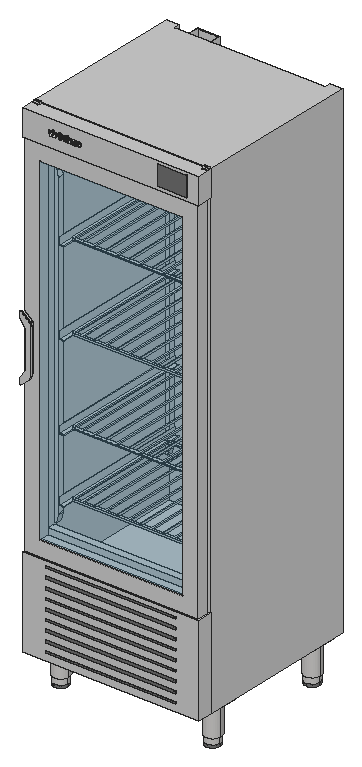
Revit family "QF_INFRICO_AN501BTCR_250814091304", category Specialty Equipment, Revit 2021
Family settings
  Round Connector Dimension = Use Diameter
  Part Type = Normal
  OmniClass Number = 23.40.40.14
  OmniClass Title = Food Service Equipment
  Work Plane-Based = No
  Always vertical = Yes
  Cut with Voids When Loaded = No
  Shared = No
  Room Calculation Point = No
Parameters (values of type "AN501BTCR")
  Weight [instance] = 0.00 kg
  Waste Water Discharge Temperature [instance] = 0 °C
  Waste Remarks [instance] = ""
  Warranty Start Date [instance] = ""
  Warranty Duration [instance] = ""
  Volts [instance] = 230 V
  Volt Free Conn [instance] = no
  URL Recommended Spares List [instance] = ""
  URL Manufacturer [instance] = ""
  URL Cutsheet [instance] = ""
  URL Critical Spares List [instance] = ""
  URL = "www.infrico.com"
  Technical Documentation [instance] = ""
  Tag Number [instance] = ""
  Status [instance] = ""
  Start Up Current [instance] = 0 A
  Specification by User [instance] = ""
  Specification by Manufacturer [instance] = ""
  Sound Level [instance] = ""
  Show Logo [instance] = yes
  Show Clearances [instance] = yes
  Service Life Duration [instance] = ""
  Serial Number [instance] = ""
  Seismic Rating [instance] = ""
  SMACNA No [instance] = ""
  Revision Code [instance] = ""
  Revision [instance] = ""
  Production Year [instance] = ""
  Potential Equalisation [instance] = no
  Point Load [instance] = 0
  Plumbing Connection Type [instance] = ""
  Phase [instance] = 1
  Other Equipment Approvals [instance] = ""
  Operational Current [instance] = 0 A
  Number of Poles [instance] = 2
  No Load Power Draw [instance] = no
  NAFEM Spec ID Number [instance] = ""
  Model Warning [instance] = ""
  Model = "AN501BTCR"
  Min Ckt Ampacity [instance] = 0 A
  Max Overcurrent Protection [instance] = 0 A
  Masterspec [instance] = ""
  Manufacturer = "INFRICO"
  Main switch integrated [instance] = no
  Length Actual [instance] = 687.07 mm
  Item Number [instance] = ""
  Installed By [instance] = ""
  Installation Date [instance] = ""
  Indirect Waste Size [instance] = 19.05 mm
  Indirect Waste Remarks [instance] = ""
  Indirect Waste Flow [instance] = 0.0 L/s
  Indirect Waste Connection Type [instance] = ""
  Indirect Waste Connection Height [instance] = 0 mm
  Identify Quantity as Lot [instance] = no
  ID [instance] = ""
  Hygiene Approval [instance] = ""
  Height Actual [instance] = 2059.94 mm
  HP power [instance] = ""
  Furnished By [instance] = ""
  Foodservice Equipment Identifier [instance] = no
  FL Amps [instance] = 0 A
  Electrical Remarks [instance] = ""
  Electric power [instance] = 640 W
  Electric Connection Type [instance] = ""
  Elec Conn RI Height [instance] = 0 mm
  Elec Conn Connection Height [instance] = 0 mm
  ETL Approved [instance] = no
  Direct Waste Water Discharge Temperature [instance] = -273.15 °C
  Direct Waste Size [instance] = 19.05 mm
  Direct Waste RI Height [instance] = 0 mm
  Direct Waste Flow [instance] = 0.0 L/s
  Direct Waste Connection Height [instance] = 0 mm
  Description = "BOTTOM MOUNTED REFRIGERATOR AND FREEZER GLASS DOOR REACH IN - ONE DOOR - R290"
  Depth Actual [instance] = 700.024 mm
  Default Elevation = 0 mm
  Cycle [instance] = 50 Hz
  Cost = 0
  Connection to energy optimisation system [instance] = yes
  Conn Plug [instance] = ""
  Conn Conduit [instance] = no
  Centralized building control system with digital interface [instance] = ""
  CSI MasterFormat [instance] = ""
  CE Approved [instance] = no
  Barcode [instance] = 0
  Author [instance] = ""
  Asset Identifier [instance] = ""
  Apparent Power [instance] = 640 VA
  Accessory [instance] = no
Reference planes
  plane 1 "Center (Front/Back)": y = 0
  plane 2: z = 0
  plane 3 "Center (Left/Right)": x = 0
Forms (mm)
  Extrusion 1, solid, not visible
    sketch origin (343.517, -106.005, 409.52) x (1, 0, 0) y (0, 1, 0)
      loop
        line (-2, 2) -> (-2, -2) -> (2, -2) -> (2, 2) -> (-2, 2)
    from -2 to 2
  Extrusion 2, solid, not visible
    sketch origin (563.027, -20.001, 2021.099) x (1, 0, 0) y (0, 1, 0)
      loop
        line (-2, 2) -> (-2, -2) -> (2, -2) -> (2, 2) -> (-2, 2)
    from -2 to 2
Dimensions and locks
  locked: nested 2 to Extrusion 1 at 2  (x2)
  locked: nested 3 to Extrusion 2 at 2  (x2)
  aligned and locked: level to plane 2
Nested families
  nested 1: "QF_INFRICO_A500_2920" at (0, 0, 150), type "AN501BTCR"
    with Weight 0.00 kg, Warranty Start Date "", Warranty Duration "", URL Cutsheet "", Technical Documentation "", Tag Number "", Status "", Specification by User "", Specification by Manufacturer "", Sound Level "", Solid Fuel Type "", Show Logo yes, Show Clearances yes, Show Clearance yes, Service Life Duration "", Serial Number "", Seismic Rating "", SMACNA No "", Revision Code "", Revision "", Production Year "", Point Load 0, Other Equipment Approvals "", NAFEM Spec ID Number "", Model Warning "", Masterspec "", Length Actual 687.07 mm, Item Number "", Installed By "", Installation Date "", Identify Quantity as Lot yes, ID "", Hygiene Approval "", Height Actual 2059.94 mm, Furnished By "", Foodservice Equipment Identifier yes, ETL Approved yes, Depth Actual 700.024 mm, CSI MasterFormat "", CE Approved no, Barcode "", Author "", Asset Identifier "", Accessory no
  nested 2: "CONN_POINT_DRAIN_2D___Generic_Annotation" at (343.517, -106.005, 407.52), type "CONN_POINT_DRAIN_2D___Generic_Annotation"
    with Onboard connection annotation symbol visibility yes
  nested 3: "CONN_POINT_ELE_2D___Generic_Annotation" at (563.027, -20.001, 2019.099), type "CONN_POINT_ELE_2D___Generic_Annotation"
    with Onboard connection annotation symbol visibility yes
  nested 4: "QF_INFRICO_ANCR_DOOR_DX_10_4932" at (5, -640, 505), type "ANCR_DOOR_DX_10"
    with Weight 0.00 kg, Warranty Start Date "", Warranty Duration "", URL Cutsheet "", Technical Documentation "", Tag Number "", Status "", Specification by User "", Specification by Manufacturer "", Sound Level "", Solid Fuel Type "", Show Logo yes, Show Clearances yes, Show Clearance yes, Service Life Duration "", Serial Number "", Seismic Rating "", SMACNA No "", Revision Code "", Revision "", Production Year "", Point Load 0, Other Equipment Approvals "", NAFEM Spec ID Number "", Model Warning "", Masterspec "", Length Actual 675.894 mm, Item Number "", Installed By "", Installation Date "", Identify Quantity as Lot yes, ID "", Hygiene Approval "", Height Actual 1441.958 mm, Furnished By "", Foodservice Equipment Identifier yes, ETL Approved yes, Depth Actual 56.896 mm, CSI MasterFormat "", CE Approved no, Barcode "", Author "", Asset Identifier "", Accessory yes
  nested 5: "QF_INFRICO_LEGS_REACH_INS_5751" at (0, 0, 0), type "LEGS_687_640"
    with Weight 0.00 kg, Warranty Start Date "", Warranty Duration "", URL Cutsheet "", Technical Documentation "", Tag Number "", Status "", Specification by User "", Specification by Manufacturer "", Sound Level "", Solid Fuel Type "", Show Logo yes, Show Clearances yes, Service Life Duration "", Serial Number "", Seismic Rating "", SMACNA No "", Revision Code "", Revision "", Production Year "", Point Load 0, Other Equipment Approvals "", NAFEM Spec ID Number "", Model Warning "", Masterspec "", Length Actual 687.07 mm, Item Number "", Installed By "", Installation Date "", Identify Quantity as Lot yes, ID "", Hygiene Approval "", Height Actual 150.114 mm, Furnished By "", Foodservice Equipment Identifier yes, ETL Approved yes, Depth Actual 640.08 mm, CSI MasterFormat "", CE Approved no, Barcode "", Author "", Asset Identifier "", Accessory yes
Connectors
  piping at (343.517, -106.005, 407.52), diameter 19.05, driven by "Indirect Waste Size", driven by "Direct Waste Flow"
    settings: on Extrusion 1, index 1, connector inside diameter 609.6 mm, connector length 0 mm, flow factor 0, pipe flow 0.0 L/s, pressure drop 0.0 Pa, fitting loss kfactor 0, connector angle 0.00°, fixture units 0, engagement length 0 mm, angle of deflection 0.00°, flow configuration 1, flow direction 2, fitting loss method 0, system type 16, joint type 0, gender type 0, connector reference index -1, connector utility 0, adjustable connector no, is connector primary yes, connector description "Waste connection for AN501BTCR"
  electrical at (563.027, -20.001, 2019.099), driven by "Apparent Power", driven by "Number of Poles", driven by "Volts"
    settings: on Extrusion 2, index 2, voltage 230 V, apparent load 0 VA, apparent load phase1 640 VA, apparent load phase2 0 VA, apparent load phase3 0 VA, power factor 1, load classification "Other", number of poles 2, system type 31, power factor state 1, is connector primary yes, connector utility no, sub classification motor no, connector description "Electrical connection for AN501BTCR"
Definition of nested family "QF_INFRICO_A500_2920"
  Parameters (values of type "AEX500TF")
    Weight [instance] = 0.00 kg
    Warranty Start Date [instance] = ""
    Warranty Duration [instance] = ""
    URL Cutsheet [instance] = ""
    URL = "www.infrico.com"
    Technical Documentation [instance] = ""
    Tag Number [instance] = ""
    Status [instance] = ""
    Specification by User [instance] = ""
    Specification by Manufacturer [instance] = ""
    Sound Level [instance] = ""
    Solid Fuel Type [instance] = ""
    Show Logo [instance] = yes
    Show Clearances [instance] = yes
    Show Clearance [instance] = yes
    Service Life Duration [instance] = ""
    Serial Number [instance] = ""
    Seismic Rating [instance] = ""
    SMACNA No [instance] = ""
    Revision Code [instance] = ""
    Revision [instance] = ""
    Production Year [instance] = ""
    Point Load [instance] = 0
    Other Equipment Approvals [instance] = ""
    NAFEM Spec ID Number [instance] = ""
    Model Warning [instance] = ""
    Model = "AEX500TF"
    Masterspec [instance] = ""
    Manufacturer = "INFRICO"
    Length Actual [instance] = 0 mm
    Item Number [instance] = ""
    Installed By [instance] = ""
    Installation Date [instance] = ""
    Identify Quantity as Lot [instance] = yes
    ID [instance] = ""
    Hygiene Approval [instance] = ""
    Height Actual [instance] = 0 mm
    Furnished By [instance] = ""
    Foodservice Equipment Identifier [instance] = yes
    ETL Approved [instance] = yes
    Description = "BOTTOM MOUNTED REFRIGERATOR AND FREEZER GLASS DOOR REACH IN - ONE DOOR - R134A REFRIGERANT"
    Depth Actual [instance] = 0 mm
    Default Elevation = 0 mm
    CSI MasterFormat [instance] = ""
    CE Approved [instance] = yes
    Barcode [instance] = ""
    Author [instance] = ""
    Asset Identifier [instance] = ""
    Assembly Code = "E1090320"
    Accessory [instance] = yes
  Types (8, lengths in mm): name | Model | Description
    AEX500TF | "AEX500TF" | "BOTTOM MOUNTED REFRIGERATOR AND FREEZER GLASS DOOR REACH IN - ONE DOOR - R134A REFRIGERANT"
    AN502BT | "AN502BT" | "BOTTOM MOUNTED REFRIGERATOR REACH IN - TWO DOORS - R290 REFRIGERANT"
    AN502TF-R290 | "AN502TF" | "BOTTOM MOUNTED REFRIGERATOR REACH IN - TWO DOORS - R290 REFRIGERANT"
    AN502TF | "AN502TF" | "BOTTOM MOUNTED REFRIGERATOR REACH IN - TWO DOORS - R134A REFRIGERANT"
    AN501TF | "AN501TF" | "BOTTOM MOUNTED REFRIGERATOR AND FREEZER REACH IN - ONE DOOR - R134A REFRIGERANT"
    AN501TF-R290 | "AN501TF" | "BOTTOM MOUNTED REFRIGERATOR AND FREEZER REACH IN - ONE DOOR - R290 REFRIGERANT"
    AN501BTCR | "AN501BTCR" | "BOTTOM MOUNTED REFRIGERATOR AND FREEZER GLASS DOOR REACH IN - ONE DOOR - R290 REFRIGERANT"
    AN501BT | "AN501BT" | "BOTTOM MOUNTED REFRIGERATOR AND FREEZER REACH IN - ONE DOOR - R290 REFRIGERANT"
  Reference planes
    plane 1 "Back": y = 0
    plane 2: z = 0
    plane 3 "Left": x = 0
    plane 4 "Right": x = 687
    plane 5 "Front": y = -700
    plane 6 "Top": z = 1902
  Forms (mm)
    Extrusion 1, solid
      sketch origin (0, -95, 1652) x (1, 0, 0) y (0, 1, 0)
        loop
          line (0, -545) -> (0, -605) -> (687, -605) -> (687, -545) -> (684.5, -545) -> (684.5, -558) -> (662, -558) -> (662, -545) -> (25, -545) -> (25, -558) -> (2.5, -558) -> (2.5, -545) -> (0, -545)
      from 150 to 250
    Extrusion 2, solid
      sketch origin (0, -95, 0) x (0, 1, 0) y (0, 0, 1)
        loop
          line (-545, 350) -> (-605, 350) -> (-605, 0) -> (-545, 0) -> (-545, 350)
      from 0 to 687
    Extrusion 3, solid
      sketch origin (-2880.873, -698.1, -227.949) x (1, 0, 0) y (0, 0, 1)
        loop
          line (3478.016, 523.949) -> (2970.73, 523.949) -> (2970.73, 514.949) -> (3478.016, 514.949) -> (3478.016, 523.949)
        loop
          line (3478.016, 486.949) -> (2970.73, 486.949) -> (2970.73, 477.949) -> (3478.016, 477.949) -> (3478.016, 486.949)
        loop
          line (3478.016, 449.949) -> (2970.73, 449.949) -> (2970.73, 440.949) -> (3478.016, 440.949) -> (3478.016, 449.949)
        loop
          line (3478.016, 412.949) -> (2970.73, 412.949) -> (2970.73, 403.949) -> (3478.016, 403.949) -> (3478.016, 412.949)
        loop
          line (3478.016, 375.949) -> (2970.73, 375.949) -> (2970.73, 366.949) -> (3478.016, 366.949) -> (3478.016, 375.949)
        loop
          line (3478.016, 338.949) -> (2970.73, 338.949) -> (2970.73, 329.949) -> (3478.016, 329.949) -> (3478.016, 338.949)
        loop
          line (3478.016, 301.949) -> (2970.73, 301.949) -> (2970.73, 292.949) -> (3478.016, 292.949) -> (3478.016, 301.949)
        loop
          line (3478.016, 264.949) -> (2970.73, 264.949) -> (2970.73, 255.949) -> (3478.016, 255.949) -> (3478.016, 264.949)
        loop
          line (3478.016, 560.949) -> (2970.73, 560.949) -> (2970.73, 551.949) -> (3478.016, 551.949) -> (3478.016, 560.949)
      from 0 to 2
    Extrusion 4, solid, visible <- "Show Logo"
      sketch origin (-1062.353, -699, 1146.37) x (1, 0, 0) y (0, 0, 1)
        loop
          line (1208.799, 696.53) -> (1208.799, 719.204) -> (1204.173, 719.204) -> (1204.173, 696.53) -> (1208.799, 696.53)
        loop
          line (1214.779, 713.006) -> (1211.283, 713.006) -> (1211.283, 696.53) -> (1215.772, 696.53) -> (1215.772, 707.832)
          arc (1215.772, 707.832) -> (1217.528, 708.741) -> (1219.417, 709.324) r 11.052
          arc (1219.417, 709.324) -> (1220.929, 708.961) -> (1221.598, 707.557) r 1.806
          line (1221.598, 707.557) -> (1221.598, 696.53) -> (1226.121, 696.53) -> (1226.121, 708.689)
          arc (1226.121, 708.689) -> (1224.637, 712.075) -> (1221.141, 713.281) r 4.607
          arc (1221.141, 713.281) -> (1218.282, 712.674) -> (1215.669, 711.361) r 11.435
          line (1215.669, 711.361) -> (1215.601, 712.184)
          arc (1215.601, 712.184) -> (1215.36, 712.765) -> (1214.779, 713.006) r 0.822
        loop
          line (1238.557, 720.102) -> (1237.306, 720.102)
          arc (1237.306, 720.102) -> (1235.052, 719.926) -> (1232.881, 719.297) r 11.103
          arc (1232.881, 719.297) -> (1230.805, 717.616) -> (1230.024, 715.062) r 4.567
          line (1230.024, 715.062) -> (1230.024, 712.909) -> (1227.351, 712.703) -> (1227.351, 709.374) -> (1230.024, 709.374) -> (1230.024, 696.53) -> (1234.547, 696.53) -> (1234.547, 709.374) -> (1238.249, 709.374) -> (1238.249, 712.938) -> (1234.547, 712.938) -> (1234.547, 714.548)
          arc (1234.547, 714.548) -> (1234.956, 715.705) -> (1236.045, 716.271) r 1.67
          line (1236.045, 716.271) -> (1237.7, 716.399)
          arc (1237.7, 716.399) -> (1238.306, 716.65) -> (1238.557, 717.255) r 0.857
          line (1238.557, 717.255) -> (1238.557, 720.102)
        loop
          line (1239.479, 713.006) -> (1239.479, 696.53) -> (1243.968, 696.53) -> (1243.968, 707.352)
          arc (1243.968, 707.352) -> (1245.873, 708.631) -> (1248.077, 709.268) r 7.435
          line (1248.077, 709.268) -> (1249.241, 709.416)
          arc (1249.241, 709.416) -> (1249.643, 709.758) -> (1249.793, 710.265) r 0.928
          line (1249.793, 710.265) -> (1249.793, 712.458)
          arc (1249.793, 712.458) -> (1249.531, 713.061) -> (1248.912, 713.28) r 0.824
          arc (1248.912, 713.28) -> (1246.197, 712.588) -> (1243.899, 710.984) r 7.833
          line (1243.899, 710.984) -> (1243.726, 713.006) -> (1239.479, 713.006)
        loop
          line (1255.495, 696.53) -> (1255.495, 713.006) -> (1251.006, 713.006) -> (1251.006, 696.53) -> (1255.495, 696.53)
        loop
          arc (1257.421, 701.327) -> (1258.567, 698.188) -> (1261.466, 696.525) r 4.873
          arc (1261.466, 696.525) -> (1264.493, 696.266) -> (1267.521, 696.525) r 17.816
          arc (1267.521, 696.525) -> (1270.575, 699.134) -> (1271.505, 703.041) r 6.481
          line (1271.505, 703.041) -> (1267.187, 703.041) -> (1267.187, 701.67)
          arc (1267.187, 701.67) -> (1266.64, 700.452) -> (1265.442, 699.865) r 1.965
          arc (1265.442, 699.865) -> (1264.547, 699.816) -> (1263.653, 699.865) r 8.196
          arc (1263.653, 699.865) -> (1262.417, 700.415) -> (1261.91, 701.67) r 1.806
          line (1261.91, 701.67) -> (1261.91, 707.9)
          arc (1261.91, 707.9) -> (1262.417, 709.155) -> (1263.653, 709.705) r 1.806
          arc (1263.653, 709.705) -> (1264.547, 709.754) -> (1265.442, 709.705) r 8.196
          arc (1265.442, 709.705) -> (1266.64, 709.118) -> (1267.187, 707.9) r 1.965
          line (1267.187, 707.9) -> (1267.187, 706.838) -> (1271.505, 706.838)
          arc (1271.505, 706.838) -> (1270.524, 710.556) -> (1267.521, 712.959) r 6.132
          arc (1267.521, 712.959) -> (1264.493, 713.294) -> (1261.466, 712.959) r 13.851
          arc (1261.466, 712.959) -> (1258.571, 711.349) -> (1257.421, 708.243) r 4.772
          line (1257.421, 708.243) -> (1257.421, 701.327)
        loop
          arc (1272.916, 701.329) -> (1273.993, 698.345) -> (1276.726, 696.734) r 4.676
          arc (1276.726, 696.734) -> (1278.515, 696.455) -> (1280.318, 696.291) r 28.371
          arc (1280.318, 696.291) -> (1282.122, 696.455) -> (1283.911, 696.734) r 28.371
          arc (1283.911, 696.734) -> (1286.644, 698.345) -> (1287.72, 701.329) r 4.676
          line (1287.72, 701.329) -> (1287.72, 708.242)
          arc (1287.72, 708.242) -> (1286.644, 711.226) -> (1283.911, 712.837) r 4.676
          arc (1283.911, 712.837) -> (1282.122, 713.116) -> (1280.318, 713.28) r 28.371
          arc (1280.318, 713.28) -> (1278.515, 713.116) -> (1276.726, 712.837) r 28.371
          arc (1276.726, 712.837) -> (1273.993, 711.226) -> (1272.916, 708.242) r 4.676
          line (1272.916, 708.242) -> (1272.916, 701.329)
        loop
          line (1277.405, 707.866) -> (1277.405, 701.705)
          arc (1277.405, 701.705) -> (1277.844, 700.556) -> (1278.936, 699.991) r 1.725
          arc (1278.936, 699.991) -> (1279.627, 699.918) -> (1280.318, 699.856) r 46.133
          arc (1280.318, 699.856) -> (1281.01, 699.918) -> (1281.701, 699.991) r 46.133
          arc (1281.701, 699.991) -> (1282.793, 700.556) -> (1283.231, 701.705) r 1.725
          line (1283.231, 701.705) -> (1283.231, 707.866)
          arc (1283.231, 707.866) -> (1282.793, 709.015) -> (1281.701, 709.58) r 1.725
          arc (1281.701, 709.58) -> (1281.01, 709.653) -> (1280.318, 709.716) r 46.133
          arc (1280.318, 709.716) -> (1279.627, 709.653) -> (1278.936, 709.58) r 46.133
          arc (1278.936, 709.58) -> (1277.844, 709.015) -> (1277.405, 707.866) r 1.725
        loop
          arc (1190.339, 696.543) -> (1191.411, 696.987) -> (1191.856, 698.059) r 1.516
          line (1191.856, 698.059) -> (1191.856, 703.891) -> (1196.035, 703.891)
          arc (1196.035, 703.891) -> (1196.79, 704.121) -> (1197.218, 704.782) r 1.147
          line (1197.218, 704.782) -> (1197.218, 706.211)
          arc (1197.218, 706.211) -> (1196.787, 707.258) -> (1195.719, 707.634) r 1.385
          line (1195.719, 707.634) -> (1194.52, 707.634) -> (1197.218, 710.332)
          arc (1197.218, 710.332) -> (1197.605, 711.266) -> (1197.218, 712.2) r 1.321
          line (1197.218, 712.2) -> (1196.495, 712.923)
          arc (1196.495, 712.923) -> (1195.54, 713.338) -> (1194.558, 712.991) r 1.422
          line (1194.558, 712.991) -> (1191.853, 710.286) -> (1191.853, 711.479)
          arc (1191.853, 711.479) -> (1191.443, 712.516) -> (1190.435, 712.992) r 1.516
          line (1190.435, 712.992) -> (1189.514, 712.992)
          arc (1189.514, 712.992) -> (1188.511, 712.514) -> (1188.103, 711.479) r 1.516
          line (1188.103, 711.479) -> (1188.103, 706.83) -> (1182.073, 701.336) -> (1182.073, 707.509) -> (1185.639, 711.075)
          arc (1185.639, 711.075) -> (1186.053, 712.073) -> (1185.639, 713.071) r 1.412
          line (1185.639, 713.071) -> (1184.987, 713.723)
          arc (1184.987, 713.723) -> (1183.939, 714.141) -> (1182.915, 713.667) r 1.428
          line (1182.915, 713.667) -> (1182.073, 712.825) -> (1182.073, 717.784)
          arc (1182.073, 717.784) -> (1181.658, 718.787) -> (1180.655, 719.203) r 1.418
          line (1180.655, 719.203) -> (1179.726, 719.203)
          arc (1179.726, 719.203) -> (1178.723, 718.787) -> (1178.308, 717.784) r 1.418
          line (1178.308, 717.784) -> (1178.308, 712.825) -> (1177.466, 713.667)
          arc (1177.466, 713.667) -> (1176.442, 714.141) -> (1175.394, 713.723) r 1.428
          line (1175.394, 713.723) -> (1174.742, 713.071)
          arc (1174.742, 713.071) -> (1174.328, 712.073) -> (1174.742, 711.075) r 1.412
          line (1174.742, 711.075) -> (1178.308, 707.509) -> (1178.308, 701.336) -> (1172.278, 706.83) -> (1172.278, 711.479)
          arc (1172.278, 711.479) -> (1171.87, 712.514) -> (1170.867, 712.992) r 1.516
          line (1170.867, 712.992) -> (1169.946, 712.992)
          arc (1169.946, 712.992) -> (1168.938, 712.516) -> (1168.528, 711.479) r 1.516
          line (1168.528, 711.479) -> (1168.528, 710.286) -> (1165.823, 712.991)
          arc (1165.823, 712.991) -> (1164.841, 713.338) -> (1163.886, 712.923) r 1.422
          line (1163.886, 712.923) -> (1163.163, 712.2)
          arc (1163.163, 712.2) -> (1162.776, 711.266) -> (1163.163, 710.332) r 1.321
          line (1163.163, 710.332) -> (1165.861, 707.634) -> (1164.662, 707.634)
          arc (1164.662, 707.634) -> (1163.594, 707.258) -> (1163.163, 706.211) r 1.385
          line (1163.163, 706.211) -> (1163.163, 704.782)
          arc (1163.163, 704.782) -> (1163.591, 704.121) -> (1164.346, 703.891) r 1.147
          line (1164.346, 703.891) -> (1168.525, 703.891) -> (1168.525, 698.059)
          arc (1168.525, 698.059) -> (1168.969, 696.987) -> (1170.042, 696.543) r 1.516
          line (1170.042, 696.543) -> (1190.339, 696.543)
      from 0 to 2
    Extrusion 5, solid
      sketch origin (-640.933, -4.97, 1236.674) x (1, 0, 0) y (0, 0, 1)
        loop
          line (1169.616, 654.3) -> (1169.616, 577.9) -> (1281.216, 577.9) -> (1281.216, 654.3) -> (1169.616, 654.3)
      from 695.03 to 697.03
    Extrusion 6, solid
      sketch origin (5, -77, -10) x (0, 1, 0) y (0, 0, 1)
        loop
          line (-567, 1911) -> (-563, 1911) -> (-563, 1914.5)
          arc (-563, 1914.5) -> (-564.062, 1917.463) -> (-565.924, 1920) r 10.917
          line (-565.924, 1920) -> (-573.076, 1920)
          arc (-573.076, 1920) -> (-574.938, 1917.463) -> (-576, 1914.5) r 10.917
          line (-576, 1914.5) -> (-576, 1911) -> (-572, 1911) -> (-572, 1914.5)
          arc (-572, 1914.5) -> (-569.5, 1917) -> (-567, 1914.5) r 2.5
          line (-567, 1914.5) -> (-567, 1911)
      from 0 to 17.5
    Extrusion 7, solid
      sketch origin (2, -77, -10) x (0, 1, 0) y (0, 0, 1)
        loop
          arc (-567.161, 1915.382) -> (-569.948, 1916.96) -> (-572, 1914.5) r 2.5
          line (-572, 1914.5) -> (-571.49, 1908.671) -> (-564.851, 1909.252) -> (-567.161, 1915.382)
      from 0.5 to 3
    Extrusion 8, solid
      sketch origin (22, -77, -10) x (0, 1, 0) y (0, 0, 1)
        loop
          arc (-567.161, 1915.382) -> (-569.948, 1916.96) -> (-572, 1914.5) r 2.5
          line (-572, 1914.5) -> (-571.49, 1908.671) -> (-564.851, 1909.252) -> (-567.161, 1915.382)
      from 0.5 to 3
    Extrusion 9, solid
      sketch origin (664.5, -77, -10) x (0, 1, 0) y (0, 0, 1)
        loop
          line (-567, 1911) -> (-563, 1911) -> (-563, 1914.5)
          arc (-563, 1914.5) -> (-564.062, 1917.463) -> (-565.924, 1920) r 10.917
          line (-565.924, 1920) -> (-573.076, 1920)
          arc (-573.076, 1920) -> (-574.938, 1917.463) -> (-576, 1914.5) r 10.917
          line (-576, 1914.5) -> (-576, 1911) -> (-572, 1911) -> (-572, 1914.5)
          arc (-572, 1914.5) -> (-569.5, 1917) -> (-567, 1914.5) r 2.5
          line (-567, 1914.5) -> (-567, 1911)
      from 0 to 17.5
    Extrusion 10, solid
      sketch origin (661.5, -77, -10) x (0, 1, 0) y (0, 0, 1)
        loop
          arc (-567.161, 1915.382) -> (-569.948, 1916.96) -> (-572, 1914.5) r 2.5
          line (-572, 1914.5) -> (-571.49, 1908.671) -> (-564.851, 1909.252) -> (-567.161, 1915.382)
      from 0.5 to 3
    Extrusion 11, solid
      sketch origin (681.5, -77, -10) x (0, 1, 0) y (0, 0, 1)
        loop
          arc (-567.161, 1915.382) -> (-569.948, 1916.96) -> (-572, 1914.5) r 2.5
          line (-572, 1914.5) -> (-571.49, 1908.671) -> (-564.851, 1909.252) -> (-567.161, 1915.382)
      from 0.5 to 3
    Extrusion 12, solid
      sketch origin (0, 0, 0) x (1, 0, 0) y (0, 1, 0)
        loop
          line (0, -640) -> (20, -640) -> (20, -20) -> (50, -20) -> (50, 0) -> (0, 0) -> (0, -640)
        loop
          line (687, -640) -> (687, 0) -> (637, 0) -> (637, -20) -> (667, -20) -> (667, -640) -> (687, -640)
      from 0 to 1902
    Extrusion 13, solid
      sketch origin (0, 0, 0) x (1, 0, 0) y (0, 1, 0)
        loop
          line (20, -20) -> (20, -640) -> (667, -640) -> (667, -20) -> (20, -20)
        loop
          line (50, -610) -> (637, -610) -> (637, -50) -> (50, -50) -> (50, -610)
      from 257.5 to 1902
    Extrusion 14, solid
      sketch origin (-120.635, 115, 405) x (1, 0, 0) y (0, 1, 0)
        loop
          arc (214.135, -210) -> (203.529, -214.393) -> (199.135, -225) r 15
          line (199.135, -225) -> (199.135, -665)
          arc (199.135, -665) -> (203.529, -675.607) -> (214.135, -680) r 15
          line (214.135, -680) -> (714.135, -680)
          arc (714.135, -680) -> (724.742, -675.607) -> (729.135, -665) r 15
          line (729.135, -665) -> (729.135, -225)
          arc (729.135, -225) -> (724.742, -214.393) -> (714.135, -210) r 15
          line (714.135, -210) -> (214.135, -210)
        loop
          arc (209.135, -665) -> (210.6, -668.536) -> (214.135, -670) r 5
          line (214.135, -670) -> (236.635, -670) -> (236.635, -220) -> (214.135, -220)
          arc (214.135, -220) -> (210.6, -221.464) -> (209.135, -225) r 5
          line (209.135, -225) -> (209.135, -665)
        loop
          line (691.635, -220) -> (691.635, -670) -> (714.135, -670)
          arc (714.135, -670) -> (717.671, -668.536) -> (719.135, -665) r 5
          line (719.135, -665) -> (719.135, -225)
          arc (719.135, -225) -> (717.671, -221.464) -> (714.135, -220) r 5
          line (714.135, -220) -> (691.635, -220)
        loop
          line (686.635, -220) -> (646.635, -220) -> (646.635, -670) -> (686.635, -670) -> (686.635, -220)
        loop
          line (641.635, -220) -> (601.635, -220) -> (601.635, -670) -> (641.635, -670) -> (641.635, -220)
        loop
          line (596.635, -220) -> (556.635, -220) -> (556.635, -670) -> (596.635, -670) -> (596.635, -220)
        loop
          line (551.635, -220) -> (511.635, -220) -> (511.635, -670) -> (551.635, -670) -> (551.635, -220)
        loop
          line (506.635, -220) -> (466.635, -220) -> (466.635, -670) -> (506.635, -670) -> (506.635, -220)
        loop
          line (461.635, -220) -> (421.635, -220) -> (421.635, -670) -> (461.635, -670) -> (461.635, -220)
        loop
          line (416.635, -220) -> (376.635, -220) -> (376.635, -670) -> (416.635, -670) -> (416.635, -220)
        loop
          line (371.635, -220) -> (331.635, -220) -> (331.635, -670) -> (371.635, -670) -> (371.635, -220)
        loop
          line (326.635, -220) -> (286.635, -220) -> (286.635, -670) -> (326.635, -670) -> (326.635, -220)
        loop
          line (281.635, -220) -> (241.635, -220) -> (241.635, -670) -> (281.635, -670) -> (281.635, -220)
      from 95 to 100
    Extrusion 15, void
      sketch origin (0, -390, 0) x (1, 0, 0) y (0, 0, 1)
        loop
          line (50, 425) -> (637, 425) -> (637, 1742) -> (50, 1742) -> (50, 425)
      from 220 to 250
    Extrusion 16, solid
      sketch origin (20, 0, 0) x (1, 0, 0) y (0, 0, 1)
        loop
          line (52, 500) -> (52, 526.5) -> (50, 526.5) -> (50, 498) -> (68.5, 498) -> (68.5, 500) -> (52, 500)
      from 50 to 610
    Extrusion 17, solid
      sketch origin (-120.635, 115, 655) x (1, 0, 0) y (0, 1, 0)
        loop
          arc (214.135, -210) -> (203.529, -214.393) -> (199.135, -225) r 15
          line (199.135, -225) -> (199.135, -665)
          arc (199.135, -665) -> (203.529, -675.607) -> (214.135, -680) r 15
          line (214.135, -680) -> (714.135, -680)
          arc (714.135, -680) -> (724.742, -675.607) -> (729.135, -665) r 15
          line (729.135, -665) -> (729.135, -225)
          arc (729.135, -225) -> (724.742, -214.393) -> (714.135, -210) r 15
          line (714.135, -210) -> (214.135, -210)
        loop
          arc (209.135, -665) -> (210.6, -668.536) -> (214.135, -670) r 5
          line (214.135, -670) -> (236.635, -670) -> (236.635, -220) -> (214.135, -220)
          arc (214.135, -220) -> (210.6, -221.464) -> (209.135, -225) r 5
          line (209.135, -225) -> (209.135, -665)
        loop
          line (691.635, -220) -> (691.635, -670) -> (714.135, -670)
          arc (714.135, -670) -> (717.671, -668.536) -> (719.135, -665) r 5
          line (719.135, -665) -> (719.135, -225)
          arc (719.135, -225) -> (717.671, -221.464) -> (714.135, -220) r 5
          line (714.135, -220) -> (691.635, -220)
        loop
          line (686.635, -220) -> (646.635, -220) -> (646.635, -670) -> (686.635, -670) -> (686.635, -220)
        loop
          line (641.635, -220) -> (601.635, -220) -> (601.635, -670) -> (641.635, -670) -> (641.635, -220)
        loop
          line (596.635, -220) -> (556.635, -220) -> (556.635, -670) -> (596.635, -670) -> (596.635, -220)
        loop
          line (551.635, -220) -> (511.635, -220) -> (511.635, -670) -> (551.635, -670) -> (551.635, -220)
        loop
          line (506.635, -220) -> (466.635, -220) -> (466.635, -670) -> (506.635, -670) -> (506.635, -220)
        loop
          line (461.635, -220) -> (421.635, -220) -> (421.635, -670) -> (461.635, -670) -> (461.635, -220)
        loop
          line (416.635, -220) -> (376.635, -220) -> (376.635, -670) -> (416.635, -670) -> (416.635, -220)
        loop
          line (371.635, -220) -> (331.635, -220) -> (331.635, -670) -> (371.635, -670) -> (371.635, -220)
        loop
          line (326.635, -220) -> (286.635, -220) -> (286.635, -670) -> (326.635, -670) -> (326.635, -220)
        loop
          line (281.635, -220) -> (241.635, -220) -> (241.635, -670) -> (281.635, -670) -> (281.635, -220)
      from 95 to 100
    Extrusion 18, solid
      sketch origin (-120.635, 115, 985) x (1, 0, 0) y (0, 1, 0)
        loop
          arc (214.135, -210) -> (203.529, -214.393) -> (199.135, -225) r 15
          line (199.135, -225) -> (199.135, -665)
          arc (199.135, -665) -> (203.529, -675.607) -> (214.135, -680) r 15
          line (214.135, -680) -> (714.135, -680)
          arc (714.135, -680) -> (724.742, -675.607) -> (729.135, -665) r 15
          line (729.135, -665) -> (729.135, -225)
          arc (729.135, -225) -> (724.742, -214.393) -> (714.135, -210) r 15
          line (714.135, -210) -> (214.135, -210)
        loop
          arc (209.135, -665) -> (210.6, -668.536) -> (214.135, -670) r 5
          line (214.135, -670) -> (236.635, -670) -> (236.635, -220) -> (214.135, -220)
          arc (214.135, -220) -> (210.6, -221.464) -> (209.135, -225) r 5
          line (209.135, -225) -> (209.135, -665)
        loop
          line (691.635, -220) -> (691.635, -670) -> (714.135, -670)
          arc (714.135, -670) -> (717.671, -668.536) -> (719.135, -665) r 5
          line (719.135, -665) -> (719.135, -225)
          arc (719.135, -225) -> (717.671, -221.464) -> (714.135, -220) r 5
          line (714.135, -220) -> (691.635, -220)
        loop
          line (686.635, -220) -> (646.635, -220) -> (646.635, -670) -> (686.635, -670) -> (686.635, -220)
        loop
          line (641.635, -220) -> (601.635, -220) -> (601.635, -670) -> (641.635, -670) -> (641.635, -220)
        loop
          line (596.635, -220) -> (556.635, -220) -> (556.635, -670) -> (596.635, -670) -> (596.635, -220)
        loop
          line (551.635, -220) -> (511.635, -220) -> (511.635, -670) -> (551.635, -670) -> (551.635, -220)
        loop
          line (506.635, -220) -> (466.635, -220) -> (466.635, -670) -> (506.635, -670) -> (506.635, -220)
        loop
          line (461.635, -220) -> (421.635, -220) -> (421.635, -670) -> (461.635, -670) -> (461.635, -220)
        loop
          line (416.635, -220) -> (376.635, -220) -> (376.635, -670) -> (416.635, -670) -> (416.635, -220)
        loop
          line (371.635, -220) -> (331.635, -220) -> (331.635, -670) -> (371.635, -670) -> (371.635, -220)
        loop
          line (326.635, -220) -> (286.635, -220) -> (286.635, -670) -> (326.635, -670) -> (326.635, -220)
        loop
          line (281.635, -220) -> (241.635, -220) -> (241.635, -670) -> (281.635, -670) -> (281.635, -220)
      from 95 to 100
    Extrusion 19, solid
      sketch origin (-120.635, 115, 1315) x (1, 0, 0) y (0, 1, 0)
        loop
          arc (214.135, -210) -> (203.529, -214.393) -> (199.135, -225) r 15
          line (199.135, -225) -> (199.135, -665)
          arc (199.135, -665) -> (203.529, -675.607) -> (214.135, -680) r 15
          line (214.135, -680) -> (714.135, -680)
          arc (714.135, -680) -> (724.742, -675.607) -> (729.135, -665) r 15
          line (729.135, -665) -> (729.135, -225)
          arc (729.135, -225) -> (724.742, -214.393) -> (714.135, -210) r 15
          line (714.135, -210) -> (214.135, -210)
        loop
          arc (209.135, -665) -> (210.6, -668.536) -> (214.135, -670) r 5
          line (214.135, -670) -> (236.635, -670) -> (236.635, -220) -> (214.135, -220)
          arc (214.135, -220) -> (210.6, -221.464) -> (209.135, -225) r 5
          line (209.135, -225) -> (209.135, -665)
        loop
          line (691.635, -220) -> (691.635, -670) -> (714.135, -670)
          arc (714.135, -670) -> (717.671, -668.536) -> (719.135, -665) r 5
          line (719.135, -665) -> (719.135, -225)
          arc (719.135, -225) -> (717.671, -221.464) -> (714.135, -220) r 5
          line (714.135, -220) -> (691.635, -220)
        loop
          line (686.635, -220) -> (646.635, -220) -> (646.635, -670) -> (686.635, -670) -> (686.635, -220)
        loop
          line (641.635, -220) -> (601.635, -220) -> (601.635, -670) -> (641.635, -670) -> (641.635, -220)
        loop
          line (596.635, -220) -> (556.635, -220) -> (556.635, -670) -> (596.635, -670) -> (596.635, -220)
        loop
          line (551.635, -220) -> (511.635, -220) -> (511.635, -670) -> (551.635, -670) -> (551.635, -220)
        loop
          line (506.635, -220) -> (466.635, -220) -> (466.635, -670) -> (506.635, -670) -> (506.635, -220)
        loop
          line (461.635, -220) -> (421.635, -220) -> (421.635, -670) -> (461.635, -670) -> (461.635, -220)
        loop
          line (416.635, -220) -> (376.635, -220) -> (376.635, -670) -> (416.635, -670) -> (416.635, -220)
        loop
          line (371.635, -220) -> (331.635, -220) -> (331.635, -670) -> (371.635, -670) -> (371.635, -220)
        loop
          line (326.635, -220) -> (286.635, -220) -> (286.635, -670) -> (326.635, -670) -> (326.635, -220)
        loop
          line (281.635, -220) -> (241.635, -220) -> (241.635, -670) -> (281.635, -670) -> (281.635, -220)
      from 95 to 100
    Extrusion 20, solid
      sketch origin (0, -50, 0) x (1, 0, 0) y (0, 0, 1)
        loop
          line (60, 433) -> (70, 463) -> (70, 468) -> (70, 1643) -> (60, 1678) -> (50, 1678) -> (50, 433) -> (60, 433)
      from 0 to 20
    Extrusion 21, solid
      sketch origin (0, -590, 0) x (1, 0, 0) y (0, 0, 1)
        loop
          line (60, 433) -> (70, 463) -> (70, 468) -> (70, 1643) -> (60, 1678) -> (50, 1678) -> (50, 433) -> (60, 433)
      from 0 to 20
    Extrusion 22, solid
      sketch origin (667, 0, 0) x (-1, 0, 0) y (0, 0, -1)
        loop
          line (52, -500) -> (68.5, -500) -> (68.5, -498) -> (50, -498) -> (50, -526.5) -> (52, -526.5) -> (52, -500)
      from 50 to 610
    Extrusion 23, solid
      sketch origin (687, -50, 0) x (-1, 0, 0) y (0, 0, -1)
        loop
          line (60, -433) -> (50, -433) -> (50, -1678) -> (60, -1678) -> (70, -1643) -> (70, -468) -> (70, -463) -> (60, -433)
      from 0 to 20
    Extrusion 24, solid
      sketch origin (687, -590, 0) x (-1, 0, 0) y (0, 0, -1)
        loop
          line (60, -433) -> (50, -433) -> (50, -1678) -> (60, -1678) -> (70, -1643) -> (70, -468) -> (70, -463) -> (60, -433)
      from 0 to 20
    Extrusion 25, solid
      sketch origin (20, 0, 250) x (1, 0, 0) y (0, 0, 1)
        loop
          line (52, 500) -> (52, 526.5) -> (50, 526.5) -> (50, 498) -> (68.5, 498) -> (68.5, 500) -> (52, 500)
      from 50 to 610
    Extrusion 26, solid
      sketch origin (667, 0, 250) x (-1, 0, 0) y (0, 0, -1)
        loop
          line (52, -500) -> (68.5, -500) -> (68.5, -498) -> (50, -498) -> (50, -526.5) -> (52, -526.5) -> (52, -500)
      from 50 to 610
    Extrusion 27, solid
      sketch origin (20, 0, 580) x (1, 0, 0) y (0, 0, 1)
        loop
          line (52, 500) -> (52, 526.5) -> (50, 526.5) -> (50, 498) -> (68.5, 498) -> (68.5, 500) -> (52, 500)
      from 50 to 610
    Extrusion 28, solid
      sketch origin (667, 0, 580) x (-1, 0, 0) y (0, 0, -1)
        loop
          line (52, -500) -> (68.5, -500) -> (68.5, -498) -> (50, -498) -> (50, -526.5) -> (52, -526.5) -> (52, -500)
      from 50 to 610
    Extrusion 29, solid
      sketch origin (20, 0, 910) x (1, 0, 0) y (0, 0, 1)
        loop
          line (52, 500) -> (52, 526.5) -> (50, 526.5) -> (50, 498) -> (68.5, 498) -> (68.5, 500) -> (52, 500)
      from 50 to 610
    Extrusion 30, solid
      sketch origin (667, 0, 910) x (-1, 0, 0) y (0, 0, -1)
        loop
          line (52, -500) -> (68.5, -500) -> (68.5, -498) -> (50, -498) -> (50, -526.5) -> (52, -526.5) -> (52, -500)
      from 50 to 610
    Extrusion 31, solid
      sketch origin (0, 0, -30) x (1, 0, 0) y (0, 0, 1)
        loop
          line (50, 1927) -> (637, 1927) -> (637, 1932) -> (50, 1932) -> (50, 1927)
      from 50 to 610
    Extrusion 32, solid
      sketch origin (0, 0, -1927) x (1, 0, 0) y (0, 0, 1)
        loop
          line (20, 1927) -> (667, 1927) -> (667, 1932) -> (20, 1932) -> (20, 1927)
      from 20 to 640
    Extrusion 33, solid
      sketch origin (0, -10, -30) x (1, 0, 0) y (0, 0, 1)
        loop
          circle (563, 1899) r 12.7
      from 0 to 10
    Extrusion 34, solid
      sketch origin (0, 0, -1669.5) x (1, 0, 0) y (0, 0, 1)
        loop
          line (20, 1927) -> (667, 1927) -> (667, 1932) -> (20, 1932) -> (20, 1927)
      from 20 to 640
    Extrusion 35, solid
      sketch origin (0, 0, 247.5) x (1, 0, 0) y (0, 1, 0)
        loop
          circle (343.5, -106) r 9.525
      from 0 to 10
    Extrusion 36, solid
      sketch origin (122, -1937, -351) x (0, 0, -1) y (0, 1, 0)
        loop
          circle (-355, 1921) r 4
        loop
          circle (-630, 1923) r 2
        loop
          circle (-605, 1923) r 2
        loop
          circle (-580, 1923) r 2
        loop
          circle (-555, 1923) r 2
        loop
          circle (-530, 1923) r 2
        loop
          circle (-505, 1923) r 2
        loop
          circle (-480, 1923) r 2
        loop
          circle (-455, 1923) r 2
        loop
          circle (-430, 1923) r 2
        loop
          circle (-405, 1923) r 2
        loop
          circle (-380, 1923) r 2
        loop
          circle (-655, 1923) r 2
        loop
          circle (-680, 1923) r 2
        loop
          circle (-705, 1923) r 2
      from -72 to 515
    Extrusion 37, solid
      sketch origin (65, -1929, -348) x (1, 0, 0) y (0, 1, 0)
        loop
          circle (568, 1921) r 4
        loop
          circle (278.5, 1921) r 4
        loop
          circle (-11, 1921) r 4
      from 348 to 718
    Extrusion 38, solid
      sketch origin (-151, -5, 0) x (1, 0, 0) y (0, 1, 0)
        loop
          line (343.5, -15) -> (343.5, 25) -> (258.5, 25) -> (258.5, -15) -> (259.5, -15) -> (259.5, 24) -> (342.5, 24) -> (342.5, -15) -> (343.5, -15)
      from 370 to 1902
  Cuts and joins
    Extrusion 15 cuts Extrusion 12
    Extrusion 15 cuts Extrusion 13
    joined: Extrusion 12, Extrusion 13, Extrusion 24, Extrusion 31, Extrusion 32, Extrusion 34
  Lines and regions (mm)
    symbolic lines, visible <- "Show Clearance"
      curve 1: line (687, -700, 0) -> (687, 0, 0)
      curve 2: line (687, 0, 0) -> (637, 0, 0)
      curve 3: line (0, 0, 0) -> (0, -700, 0)
      curve 4: line (0, -700, 0) -> (687, -700, 0)
      curve 5: line (0, -640, 0) -> (687, -640, 0)
      curve 6: line (50, 0, 0) -> (0, 0, 0)
      curve 7: line (50, 0, 0) -> (50, -20, 0)
      curve 8: line (50, -20, 0) -> (637, -20, 0)
      curve 9: line (637, -20, 0) -> (637, 0, 0)
  Dimensions and locks
    plane 6 "Top" to level = 1902 mm  (x2)
    plane 4 "Right" to plane 3 "Left" = 687 mm
    plane 1 "Back" to plane 5 "Front" = 700 mm  (x2)
    plane 3 "Left" to plane 4 "Right" = 687 mm
    aligned and locked: level to plane 2
  Connectors
    electrical at (563, -10, 1869)
      settings: on Extrusion 33, index 1, voltage 0 V, apparent load 0 VA, apparent load phase1 0 VA, apparent load phase2 0 VA, apparent load phase3 0 VA, power factor 1, load classification none, number of poles 1, system type 31, power factor state 1, is connector primary yes, connector utility no, sub classification motor no, connector description "Electrical connection"
    piping at (343.5, -106, 247.5), diameter 19.1
      settings: on Extrusion 35, index 2, connector inside diameter 609.6 mm, connector length 0 mm, flow factor 0, pipe flow 0.0 L/s, pressure drop 0.0 Pa, fitting loss kfactor 0, connector angle 0.00°, fixture units 0, engagement length 0 mm, angle of deflection 0.00°, flow configuration 1, flow direction 2, fitting loss method 0, system type 16, joint type 0, gender type 0, connector reference index -1, connector utility 0, adjustable connector no, is connector primary yes, connector description "Drain connection"
Definition of nested family "QF_INFRICO_ANCR_DOOR_DX_10_4932"
  Parameters (values of type "PUE17DGAEX")
    Weight [instance] = 0.00 kg
    Warranty Start Date [instance] = ""
    Warranty Duration [instance] = ""
    URL Cutsheet [instance] = ""
    URL = "www.infrico.com"
    Technical Documentation [instance] = ""
    Tag Number [instance] = ""
    Status [instance] = ""
    Specification by User [instance] = ""
    Specification by Manufacturer [instance] = ""
    Sound Level [instance] = ""
    Solid Fuel Type [instance] = ""
    Show Logo [instance] = yes
    Show Clearances [instance] = yes
    Show Clearance [instance] = yes
    Service Life Duration [instance] = ""
    Serial Number [instance] = ""
    Seismic Rating [instance] = ""
    SMACNA No [instance] = ""
    Revision Code [instance] = ""
    Revision [instance] = ""
    Production Year [instance] = ""
    Point Load [instance] = 0
    Other Equipment Approvals [instance] = ""
    NAFEM Spec ID Number [instance] = ""
    Model Warning [instance] = ""
    Model = "PUE17DGAEX"
    Masterspec [instance] = ""
    Manufacturer = "INFRICO"
    Length Actual [instance] = 0 mm
    Item Number [instance] = ""
    Installed By [instance] = ""
    Installation Date [instance] = ""
    Identify Quantity as Lot [instance] = yes
    ID [instance] = ""
    Hygiene Approval [instance] = ""
    Height Actual [instance] = 0 mm
    Furnished By [instance] = ""
    Foodservice Equipment Identifier [instance] = yes
    ETL Approved [instance] = yes
    Description = "RIGHT GLASS DOOR"
    Depth Actual [instance] = 0 mm
    Default Elevation = 0 mm
    CSI MasterFormat [instance] = ""
    CE Approved [instance] = yes
    Barcode [instance] = ""
    Author [instance] = ""
    Asset Identifier [instance] = ""
    Assembly Code = "E1090320"
    Accessory [instance] = yes
  Types (2, lengths in mm): name | Model | Description
    ANCR_DOOR_DX_10 | "ANCR_DOOR_DX_10" | "RIGHT DOOR"
    PUE17DGAEX | "PUE17DGAEX" | "RIGHT GLASS DOOR"
  Reference planes
    plane 1 "Back": y = 0
    plane 2: z = 0
    plane 3 "Left": x = 0
    plane 4 "Right": x = 677
    plane 5 "Front": y = -57
    plane 6 "Top": z = 1442
  Forms (mm)
    Extrusion 1, solid
      sketch origin (0, 231, 0) x (1, 0, 0) y (0, 0, 1)
        loop
          line (662, 1427) -> (15, 1427) -> (15, 15) -> (662, 15) -> (662, 1427)
        loop
          line (632, 1397) -> (45, 1397) -> (45, 45) -> (632, 45) -> (632, 1397)
      from 231 to 248
    Extrusion 2, solid
      sketch origin (-514.03, 635.058, 126.096) x (1, 0, 0) y (0, 0, 1)
        loop
          line (518.816, 723.04) -> (515.53, 723.04) -> (515.53, 703.04) -> (535.322, 671.778)
          arc (535.322, 671.778) -> (536.599, 669.028) -> (537.13, 666.043) r 11.743
          line (537.13, 666.043) -> (537.13, 523.765)
          arc (537.13, 523.765) -> (536.599, 520.779) -> (535.322, 518.029) r 11.743
          line (535.322, 518.029) -> (515.53, 486.767) -> (515.53, 466.767) -> (518.816, 466.767) -> (552.274, 494.842)
          arc (552.274, 494.842) -> (556.597, 500.476) -> (558.134, 507.408) r 16.404
          line (558.134, 507.408) -> (558.134, 682.399)
          arc (558.134, 682.399) -> (556.597, 689.332) -> (552.274, 694.965) r 16.404
          line (552.274, 694.965) -> (518.816, 723.04)
      from 713.68 to 715.78
    Extrusion 3, solid
      sketch origin (488.902, 635.058, 126.096) x (-1, 0, 0) y (0, 0, -1)
        loop
          line (471.131, -498.425) -> (487.402, -482.154) -> (487.402, -479.189) -> (457.988, -503.87)
          arc (457.988, -503.87) -> (456.67, -505.587) -> (456.202, -507.7) r 5
          line (456.202, -507.7) -> (456.202, -682.691)
          arc (456.202, -682.691) -> (456.67, -684.804) -> (457.988, -686.521) r 5
          line (457.988, -686.521) -> (487.402, -711.202) -> (487.402, -708.237) -> (471.131, -691.967)
          arc (471.131, -691.967) -> (461.192, -677.092) -> (457.702, -659.546) r 45.85
          line (457.702, -659.546) -> (457.702, -530.845)
          arc (457.702, -530.845) -> (461.192, -513.299) -> (471.131, -498.425) r 45.85
      from 692.058 to 713.68
    Extrusion 4, solid
      sketch origin (198.098, 625.058, 63.857) x (0, 1, 0) y (0, 0, 1)
        loop
          line (-682.058, 1318.143) -> (-682.058, -3.857) -> (-678.07, -3.857) -> (-678.07, 1318.143) -> (-682.058, 1318.143)
      from -138.098 to 418.902
    Extrusion 5, solid
      sketch origin (198.098, -13, 63.857) x (1, 0, 0) y (0, 0, 1)
        loop
          line (-198.098, 1378.143) -> (-198.098, -63.857) -> (478.902, -63.857) -> (478.902, 1378.143) -> (-198.098, 1378.143)
        loop
          line (-138.098, 1318.143) -> (-138.098, -3.857) -> (418.902, -3.857) -> (418.902, 1318.143) -> (-138.098, 1318.143)
      from 4 to 44
    Extrusion 6, solid, detail levels coarse
      sketch origin (0, 4, 0) x (1, 0, 0) y (0, 1, 0)
        loop
          arc (0, -61) -> (186.573, -511.427) -> (637, -698) r 637
          line (637, -698) -> (677, -698) -> (677, -61) -> (0, -61)
      from 0 to 1442
  Lines and regions (mm)
    symbolic lines, visible <- "Show Clearance"
      curve 1: line (637, -694, 0) -> (637, -60, 0)
      curve 2: line (677, -60, 0) -> (677, -694, 0)
      curve 3: line (677, -694, 0) -> (637, -694, 0)
      curve 4: arc (0.007, -60, 0) -> (187.635, -508.486, 0) -> (637, -694, 0) r 637
  Dimensions and locks
    plane 6 "Top" to level = 1442 mm  (x2)
    plane 4 "Right" to plane 3 "Left" = 677 mm
    plane 1 "Back" to plane 5 "Front" = 57 mm  (x2)
    plane 3 "Left" to plane 4 "Right" = 677 mm
    aligned and locked: level to plane 2
Definition of nested family "QF_INFRICO_LEGS_REACH_INS_5751"
  Parameters (values of type "LEGS_930_756")
    Weight [instance] = 0.00 kg
    Warranty Start Date [instance] = ""
    Warranty Duration [instance] = ""
    URL Cutsheet [instance] = ""
    URL = "www.infrico.com"
    Technical Documentation [instance] = ""
    Tag Number [instance] = ""
    Status [instance] = ""
    Specification by User [instance] = ""
    Specification by Manufacturer [instance] = ""
    Sound Level [instance] = ""
    Solid Fuel Type [instance] = ""
    Show Logo [instance] = yes
    Show Clearances [instance] = yes
    Service Life Duration [instance] = ""
    Serial Number [instance] = ""
    Seismic Rating [instance] = ""
    SMACNA No [instance] = ""
    Right offset = 228 mm
    Revision Code [instance] = ""
    Revision [instance] = ""
    Rear offset = 163 mm
    Production Year [instance] = ""
    Point Load [instance] = 0
    Other Equipment Approvals [instance] = ""
    NAFEM Spec ID Number [instance] = ""
    Model Warning [instance] = ""
    Model = "LEGS_930_756"
    Masterspec [instance] = ""
    Manufacturer = "INFRICO"
    Length Actual [instance] = 0 mm
    Length = 930 mm
    Left offset = 136 mm
    Item Number [instance] = ""
    Installed By [instance] = ""
    Installation Date [instance] = ""
    Identify Quantity as Lot [instance] = yes
    ID [instance] = ""
    Hygiene Approval [instance] = ""
    Height Actual [instance] = 0 mm
    Height = 150 mm
    Furnished By [instance] = ""
    Front offset = 60 mm
    Foodservice Equipment Identifier [instance] = yes
    ETL Approved [instance] = yes
    Description = "LEGS"
    Depth Actual [instance] = 0 mm
    Depth = 756 mm
    Default Elevation = 0 mm
    CentralLegs = if(Length > 2000 mm, 2 > 1, 2 < 1)  # no
    CSI MasterFormat [instance] = ""
    CE Approved [instance] = yes
    Barcode [instance] = ""
    Author [instance] = ""
    Asset Identifier [instance] = ""
    Assembly Code = "E1090320"
    Accessory [instance] = yes
  Types (32, lengths in mm): name | Right offset | Rear offset | Model | Length | Left offset | Height | Front offset | Depth | CentralLegs
    LEGS_557_720 | 47 | 88 | "LEGS_557_720" | 557 | 47 | 150 | 67 | 720 | no
    LEGS_1124_720 | 47 | 88 | "LEGS_1124_720" | 1124 | 47 | 150 | 67 | 720 | no
    LEGS_687_640 | 47 | 88 | "LEGS_687_640" | 687 | 47 | 150 | 67 | 640 | no
    LEGS_1385_640 | 47 | 88 | "LEGS_1385_640" | 1385 | 47 | 150 | 67 | 640 | no
    LEGS_2081_640 | 47 | 88 | "LEGS_2081_640" | 2081 | 47 | 150 | 67 | 640 | yes
    LEGS_800_545 | 47 | 88 | "LEGS_800_545" | 800 | 47 | 150 | 67 | 545 | no
    LEGS_482_640 | 47 | 88 | "LEGS_482_640" | 482 | 47 | 150 | 67 | 640 | no
    LEGS_974_640 | 47 | 88 | "LEGS_974_640" | 974 | 47 | 150 | 67 | 640 | no
    LEGS_687_734 | 47 | 88 | "LEGS_687_734" | 687 | 47 | 150 | 67 | 734 | no
    LEGS_1385_734 | 47 | 88 | "LEGS_1385_734" | 1385 | 47 | 150 | 67 | 734 | no
    LEGS_756_900 | 47 | 88 | "LEGS_756_900" | 756 | 47 | 150 | 67 | 900 | no
    LEGS_752_677 | 47 | 88 | "LEGS_752_677" | 752 | 47 | 150 | 67 | 677 | no
    LEGS_2081_736 | 47 | 88 | "LEGS_2081_736" | 2081 | 47 | 150 | 67 | 736 | yes
    LEGS_702_700 | 74 | 110 | "LEGS_702_700" | 702 | 74 | 150 | 63 | 700 | no
    LEGS_1227_700 | 74 | 110 | "LEGS_1227_700" | 1227 | 74 | 150 | 63 | 700 | no
    LEGS_1533_700 | 74 | 110 | "LEGS_1533_700" | 1533 | 74 | 150 | 63 | 700 | no
    LEGS_1844_700 | 74 | 110 | "LEGS_1844_700" | 1844 | 74 | 150 | 63 | 700 | no
    LEGS_1050_768 | 208 | 60 | "LEGS_1050_768" | 1050 | 160 | 150 | 60 | 768 | no
    LEGS_1710_768 | 208 | 60 | "LEGS_1710_768" | 1710 | 160 | 150 | 60 | 768 | no
    LEGS_2370_768 | 208 | 60 | "LEGS_2370_768" | 2370 | 160 | 150 | 60 | 768 | yes
    LEGS_930_756 | 228 | 163 | "LEGS_930_756" | 930 | 136 | 150 | 60 | 756 | no
    LEGS_1235_756 | 228 | 163 | "LEGS_1235_756" | 1235 | 136 | 150 | 60 | 756 | no
    LEGS_1352_756 | 228 | 163 | "LEGS_1352_756" | 1352 | 136 | 150 | 60 | 756 | no
    LEGS_1845_756 | 228 | 163 | "LEGS_1845_756" | 1845 | 136 | 150 | 60 | 756 | no
    LEGS_2464_756 | 228 | 163 | "LEGS_2464_756" | 2464 | 136 | 150 | 60 | 756 | yes
    LEGS_2809_756 | 228 | 163 | "LEGS_2809_756" | 2809 | 136 | 150 | 60 | 756 | yes
    LEGS_1384_736 | 47 | 88 | "LEGS_1384_736" | 1384 | 47 | 150 | 67 | 736 | no
    LEGS_687_740 | 47 | 88 | "LEGS_687_740" | 687 | 47 | 140 | 67 | 740 | no
    LEGS_1385_740 | 47 | 88 | "LEGS_1385_740" | 1385 | 47 | 140 | 67 | 740 | no
    LEGS_1385_740\u001f_H | 47 | 88 | "LEGS_1385_640" | 1385 | 47 | 150 | 67 | 740 | no
    LEGS_687_740_H | 47 | 88 | "LEGS_687_740_H" | 687 | 47 | 150 | 67 | 740 | no
    LEGS_1385_740_H | 47 | 88 | "LEGS_1385_740_H" | 1385 | 47 | 150 | 67 | 740 | no
  Reference planes
    plane 1 "Back": y = 0
    plane 2: z = 0
    plane 3 "Left": x = 0
    plane 4 "Right": x = 930
    plane 5 "Front": y = -756
    plane 6 "Top": z = 150
    plane 7 "Left offset": x = 136
    plane 8 "Right offset": x = 702
    plane 9 "Rear offset": y = -163
    plane 10 "Front offset": y = -696
    plane 11 "Central": x = 465
  Dimensions and locks
    "Length": plane 3 "Left" to plane 4 "Right"
    "Depth": plane 5 "Front" to plane 1 "Back"
    "Left offset": plane 3 "Left" to plane 7 "Left offset"
    "Right offset": plane 8 "Right offset" to plane 4 "Right"
    "Rear offset": plane 9 "Rear offset" to plane 1 "Back"
    "Front offset": plane 10 "Front offset" to plane 5 "Front"
    "Height": plane 6 "Top" to plane 2
    equal spacing: plane 3 "Left", plane 11 "Central", plane 4 "Right"
    aligned and locked: level to plane 2
    aligned and locked: nested 1 to plane 9 "Rear offset"
    aligned and locked: nested 2 to plane 9 "Rear offset"
    aligned and locked: nested 1 to plane 7 "Left offset"
    aligned and locked: nested 2 to plane 8 "Right offset"
    aligned and locked: nested 3 to plane 10 "Front offset"
    aligned and locked: nested 4 to plane 10 "Front offset"
    aligned and locked: nested 3 to plane 7 "Left offset"
    aligned and locked: nested 4 to plane 8 "Right offset"
    aligned and locked: nested 6 to plane 11 "Central"
    aligned and locked: nested 5 to plane 11 "Central"
    aligned and locked: nested 6 to plane 10 "Front offset"
    aligned and locked: nested 5 to plane 9 "Rear offset"
  Nested families
    nested 1: "QF_INFRICO_LEGS" at (136, -163, 0), type "QF_INFRICO_LEGS"
      with Height 150 mm
    nested 2: "QF_INFRICO_LEGS" at (702, -163, 0), type "QF_INFRICO_LEGS"
      with Height 150 mm
    nested 3: "QF_INFRICO_LEGS" at (136, -696, 0), type "QF_INFRICO_LEGS"
      with Height 150 mm
    nested 4: "QF_INFRICO_LEGS" at (702, -696, 0), type "QF_INFRICO_LEGS"
      with Height 150 mm
    nested 5: "QF_INFRICO_LEGS" at (465, -163, 0), visible <- "CentralLegs", type "QF_INFRICO_LEGS"
      with Height 150 mm
    nested 6: "QF_INFRICO_LEGS" at (465, -696, 0), visible <- "CentralLegs", type "QF_INFRICO_LEGS"
      with Height 150 mm
  Definition of nested family "QF_INFRICO_LEGS"
    Parameters
      Height = 140 mm
      Default Elevation = 0 mm
    Reference planes
      plane 1 "Center (Front/Back)": y = 0
      plane 2: z = 0
      plane 3 "Center (Left/Right)": x = 0
      plane 4 "Top": z = 140
    Forms (mm)
      Extrusion 1, solid
        sketch origin (0, 0, 140) x (0, 1, 0) y (-1, 0, 0)
          loop
            line (50, 45) -> (-50, 45) -> (-50, -45) -> (50, -45) -> (50, 45)
        from 0 to -3
      Extrusion 2, solid
        sketch origin (-199.986, 580, 0) x (1, 0, 0) y (0, 1, 0)
          loop
            circle (199.986, -580) r 28
        from 9 to 35
      Extrusion 3, solid
        sketch origin (-199.986, 580, 0) x (1, 0, 0) y (0, 1, 0)
          loop
            circle (199.986, -580) r 28.5
        from 0 to 9
      Sweep 4, solid
        path origin (0, 0, 0) x (0, 1, 0) y (0, 0, 1)
          loop
            line (0, 137) -> (0, 35)
        profile origin (0, 0, 86) x (1, 0, 0) y (0, 1, 0)
          loop
            circle (0, 0) r 32
    Dimensions and locks
      "Height": plane 4 "Top" to plane 2
      aligned and locked: level to plane 2
    Automatic sketch dimensions
      plane 1 "Center (Front/Back)" to Extrusion 1 sketch curve = 50 mm
      Extrusion 1 sketch curve to plane 1 "Center (Front/Back)" = 50 mm
      plane 3 "Center (Left/Right)" to Extrusion 1 sketch curve = 45 mm
      Extrusion 1 sketch curve to plane 3 "Center (Left/Right)" = 45 mm
      plane 1 "Center (Front/Back)" to Extrusion 2 sketch curve = 0 mm
      Extrusion 2 sketch curve to plane 3 "Center (Left/Right)" = 0 mm
      plane 1 "Center (Front/Back)" to Extrusion 3 sketch curve = 0 mm
      Extrusion 3 sketch curve to plane 3 "Center (Left/Right)" = 0 mm
      Sweep 4 sketch curve to plane 1 "Center (Front/Back)" = 0 mm
      level to Sweep 4 sketch curve = 35 mm
      Sweep 4 sketch curve to plane 4 "Top" = 3 mm
      Sweep 4 sketch curve to plane 3 "Center (Left/Right)" = 0 mm
      profile plane to Sweep 4 sketch curve = 0 mm
      radius of Extrusion 2 sketch curve = 28 mm
      radius of Extrusion 3 sketch curve = 28.5 mm
      radius of Sweep 4 sketch curve = 32 mm
Definition of nested family "CONN_POINT_DRAIN_2D___Generic_Annotation"
  Parameters (values of type "CONN_POINT_DRAIN_2D___Generic_Annotation")
    Onboard connection annotation symbol visibility [instance] = yes
  Reference planes
    plane 1: y = 0
    plane 2: x = 0
  Lines and regions (mm)
    detail lines, visible <- "Onboard connection annotation symbol visibility"
      curve 1: circle (0, 0, 0) r 0.5 normal (0, 0, 1)
      curve 2: line (-1, 0, 0) -> (1, 0, 0)
      curve 3: line (0, 1, 0) -> (0, -1, 0)
      curve 4: line (1.776, 1, 0) -> (1.25, 1, 0)
      curve 5: line (1.25, 1, 0) -> (1.25, -1, 0)
      curve 6: line (1.25, -1, 0) -> (1.776, -1, 0)
      curve 7: arc (2.206, -0.862, 0) -> (2.459, -0.589, 0) -> (2.583, -0.238, 0) r 0.918
      curve 8: arc (2.583, 0.238, 0) -> (2.459, 0.589, 0) -> (2.206, 0.862, 0) r 0.918
      curve 9: arc (2.583, -0.238, 0) -> (2.599, 0, 0) -> (2.583, 0.238, 0) r 1.77
      curve 10: arc (2.206, 0.862, 0) -> (2.002, 0.965, 0) -> (1.776, 1, 0) r 0.741
      curve 11: arc (1.776, -1, 0) -> (2.002, -0.965, 0) -> (2.206, -0.862, 0) r 0.741
Definition of nested family "CONN_POINT_ELE_2D___Generic_Annotation"
  Parameters (values of type "CONN_POINT_ELE_2D___Generic_Annotation")
    Onboard connection annotation symbol visibility [instance] = yes
  Reference planes
    plane 1: y = 0
    plane 2: x = 0
  Lines and regions (mm)
    detail lines, visible <- "Onboard connection annotation symbol visibility"
      curve 1: circle (0, 0, 0) r 0.5 normal (0, 0, 1)
      curve 2: line (-1, 0, 0) -> (1, 0, 0)
      curve 3: line (0, 1, 0) -> (0, -1, 0)
      curve 4: line (2.5, 1, 0) -> (1.25, 1, 0)
      curve 5: line (1.25, 1, 0) -> (1.25, -1, 0)
      curve 6: line (1.25, -1, 0) -> (2.5, -1, 0)
      curve 7: line (1.25, 0, 0) -> (2, 0, 0)
